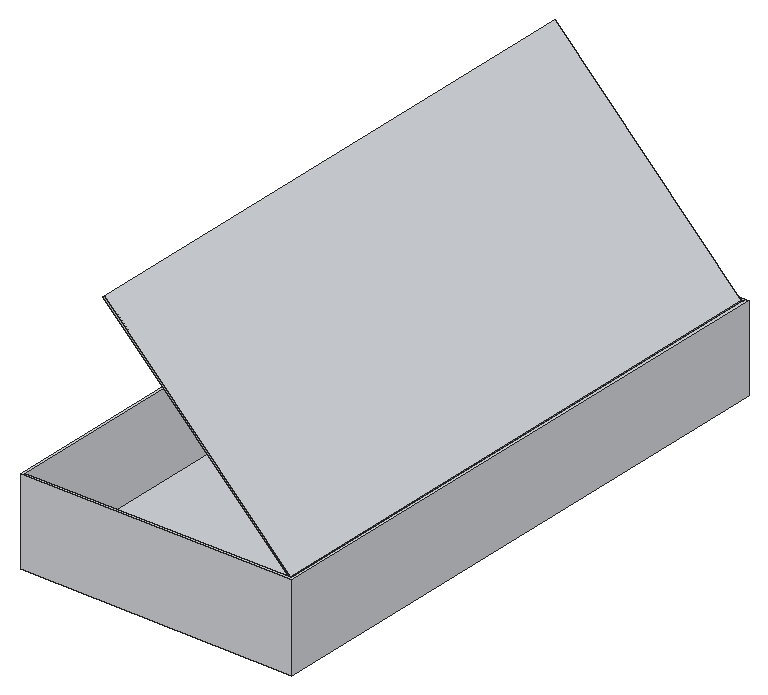
Revit family "Hager-Volta-IP30-Surface_mounted-leer-DE-de", category Electrical Equipment, host Face, Revit 2020
Family settings
  Host = Face
  Panel Configuration = Two Columns, Circuits Across
  Round Connector Dimension = Use Diameter
  Part Type = Panelboard
  Cut with Voids When Loaded = No
  Shared = No
  Room Calculation Point = No
Parameters (values of type "Aufputz IP30 B305 H640 T96.5 12 Teilungseinheiten - VA48WWH")
  Width Control [instance] = if([HG000006 - Unterputz], if([EF000846 - Einbaubreite] > min_whd, [EF000846 - Einbaubreite], min_whd), if([EF000008 - Breite] > min_whd, ([EF000008 - Breite]), min_whd))  # 305 mm
  Void Depth [instance] = if([HG000006 - Unterputz], Depth Control, 1 mm)  # 1 mm
  Type Comments = [HG000003 - Bereich]  # "Volta"
  System Height [instance] = Height Control - 2 * [HG000005 - Dicke]  # 634 mm
  Model = [HG000004 - Herstellerreferenz]  # "VA48WWH"
  HG000017 - Distanz zwischen den Polen = 18 mm
  HG000016 - 3D-Türsichtbarkeit [instance] = yes
  HG000015 - Sichtbarkeit der Türöffnung [instance] = no
  HG000014 - Tür rechts [instance] = yes
  HG000013 - Tür links [instance] = not([HG000014 - Tür rechts])  # no
  HG000012 - Türschwenkwinkel [instance] = 45.00°
  HG000011 - Leere Reihen von unten = no
  HG000010 - Asymmetrische Türen = no
  HG000009 - Doppelflügeligen Tür = no
  HG000008 - Anzahl der leeren Reihen = 0
  HG000007 - Anzahl der leeren Spalten = 0
  HG000006 - Unterputz = no
  HG000005 - Dicke = 3 mm  # constant formula
  HG000004 - Herstellerreferenz = "VA48WWH"
  HG000003 - Bereich = "Volta"
  HG000002 - Mit tür = yes
  HG000001 - Anzahl der Spalten = 0
  EF015941 - Signaldurchlassende Tür = no
  EF015777 - Neutralleiterklemmenblock = no
  EF015776 - Erdungsklemmenblock = no
  EF009212 - Ausführung Deckel = "EV009916 - mit Ausschnitt"
  EF006306 - Mit Schloss = no
  EF006244 - Transparenter Deckel/Tür = no
  EF005474 - Schutzart (IP) = "EV006410 - IP30"
  EF004462 - Art der Schließung = "EV000154 - sonstige"
  EF002950 - Breite in Teilungseinheiten = 12
  EF001596 - Werkstoff des Gehäuses = "EV000154 - sonstige"
  EF001134 - DIN-Schiene = yes
  EF001131 - Innentiefe = 92 mm
  EF001088 - Anbaumöglichkeit = yes
  EF001062 - EMV-Ausführung = no
  EF000846 - Einbaubreite = 0 mm
  EF000339 - Art der Abdeckung = "EV004216 - Tür"
  EF000332 - Einbauhöhe = 0 mm
  EF000266 - Anzahl der Reihen = 0
  EF000218 - Einbautiefe = 0 mm
  EF000118 - Mit Montageplatte = yes
  EF000116 - RAL-Nummer = "9010"
  EF000049 - Tiefe = 96 mm
  EF000040 - Höhe = 640 mm
  EF000008 - Breite = 305 mm
  EF000007 - Farbe = "EV000202 - weiß"
  EF000003 - Montageart = "EV000384 - Aufputz"
  Arrow Offset [instance] = Depth Control / 8  # 12 mm
  Arrow Height [instance] = Depth Control - Arrow Offset  # 84 mm
  Host Offset [instance] = if([HG000006 - Unterputz], 0 mm, [EF000049 - Tiefe])  # 96 mm
  min_whd [instance] = (2 * [HG000005 - Dicke]) + 1 mm  # 7 mm
  Manufacturer = "Hager"  # constant formula
  Height Control [instance] = if([HG000006 - Unterputz], if([EF000332 - Einbauhöhe] > min_whd, [EF000332 - Einbauhöhe], min_whd), if([EF000040 - Höhe] > min_whd, ([EF000040 - Höhe]), min_whd))  # 640 mm
  Flush Mounted - Door Frame Width [instance] = if(([EF000040 - Höhe] - [EF000332 - Einbauhöhe]) > 0 mm, if([HG000006 - Unterputz], [EF000040 - Höhe] - [EF000332 - Einbauhöhe], 0 mm), 0 mm)  # 0 mm
  Depth Control [instance] = if([HG000006 - Unterputz], if([EF000218 - Einbautiefe] > 0 mm, [EF000218 - Einbautiefe], 1 mm), if([EF000049 - Tiefe] > 0 mm, ([EF000049 - Tiefe]), 1 mm))  # 96 mm
  Default Elevation = 0 mm
Types (4, lengths in mm): name | System Height | Model | HG000004 - Herstellerreferenz | EF000040 - Höhe | Height Control
  Aufputz IP30 B305 H515 T96.5 12 Teilungseinheiten - VA36NW | 509 | "VA36NW" | "VA36NW" | 515 | 515
  Aufputz IP30 B305 H515 T96.5 12 Teilungseinheiten - VA36WWH | 509 | "VA36WWH" | "VA36WWH" | 515 | 515
  Aufputz IP30 B305 H640 T96.5 12 Teilungseinheiten - VA48NW | 634 | "VA48NW" | "VA48NW" | 640 | 640
  Aufputz IP30 B305 H640 T96.5 12 Teilungseinheiten - VA48WWH | 634 | "VA48WWH" | "VA48WWH" | 640 | 640
Reference planes
  plane 1 "Center (Front/Back)": y = 0
  plane 2: z = 0
  plane 3 "Center (Left/Right)": x = 0
  plane 4: z = 96
  plane 5: y = 3
  plane 6: z = 91
  plane 7: y = 320
  plane 8: y = 0
  plane 9: y = 640
  plane 10: z = 0
  plane 11: x = -152.5
  plane 12: x = 152.5
  plane 13: x = 149.5
  plane 14: x = -149.5
  plane 15: y = 637
  plane 16: z = 3
  plane 17: z = 93
  plane 18: z = -1
  plane 19: z = 93
Forms (mm)
  Extrusion 1, solid
    sketch origin (-583.045, 0, 1219.2) x (-1, 0, 0) y (0, 0, 1)
      loop
        line (-430.545, -1123.2) -> (-735.545, -1123.2) -> (-735.545, -1219.2) -> (-430.545, -1219.2) -> (-430.545, -1123.2)
    from 0 to 640 <- "Height Control"
  Extrusion 2, void
    sketch origin (-381.607, -4572, 96) x (0, -1, 0) y (-1, 0, 0)
      loop
        line (-5209, -232.107) -> (-5209, -531.107) -> (-4575, -531.107) -> (-4575, -232.107) -> (-5209, -232.107)
    from 0 to 93
  Extrusion 3, void
    sketch origin (0, 0, 0) x (1, 0, 0) y (0, 1, 0)
      loop
        line (-152.5, 0) -> (152.5, 0) -> (152.5, 640) -> (-152.5, 640) -> (-152.5, 0)
    from -1 to 1
  Extrusion 4, solid, detail levels coarse+medium
    sketch origin (-381.607, -4572, 96) x (-1, 0, 0) y (0, -1, 0)
      loop
        line (-232.107, -5209) -> (-232.107, -4575) -> (-531.107, -4575) -> (-531.107, -5209) -> (-232.107, -5209)
    from 0 to -3
Cuts and joins
  Extrusion 2 cuts Extrusion 1
Dimensions and locks
  plane 4 to plane 6 = 5 mm
  "Host Offset": plane 4 to host face
  "Flush Mounted - Door Frame Width": plane 1 "Center (Front/Back)" to plane 8
  "HG000005 - Dicke": plane 5 to plane 8
  locked: connector elem to plane 3 "Center (Left/Right)"
  "Height Control": plane 9 to plane 8
  equal spacing: plane 9, plane 7, plane 8
  locked: connector elem to plane 7
  "Depth Control": plane 4 to plane 10
  "HG000005 - Dicke": plane 11 to plane 14
  "HG000005 - Dicke": plane 12 to plane 13
  equal spacing: plane 11, plane 3 "Center (Left/Right)", plane 12
  "Width Control": plane 11 to plane 12
  "Arrow Offset": nested 4 to plane 10
  "HG000005 - Dicke": plane 9 to plane 15
  "HG000005 - Dicke": plane 16 to plane 10
  "HG000005 - Dicke": plane 4 to plane 17
  "Void Depth": plane 2 to plane 18
  "HG000005 - Dicke": plane 4 to plane 19
  aligned and locked: plane 2 to host face
  aligned and locked: level to host face
  aligned and locked: plane 3 "Center (Left/Right)" to nested 2
  aligned and locked: plane 4 to nested 2
  aligned and locked: nested 2 to plane 8
  aligned and locked: nested 1 to plane 6
  aligned and locked: plane 5 to nested 1
  aligned and locked: nested 4 to plane 11
  aligned and locked: nested 3 to plane 4
  aligned and locked: Extrusion 1 sketch curve to plane 12
  aligned and locked: Extrusion 1 sketch curve to plane 11
  aligned and locked: nested 3 to plane 10
  aligned and locked: plane 10 to Extrusion 1 sketch curve
  aligned and locked: plane 5 to Extrusion 2 sketch curve
  aligned and locked: Extrusion 2 sketch curve to plane 15
  aligned and locked: Extrusion 2 sketch curve to plane 14
  aligned and locked: Extrusion 2 sketch curve to plane 13
  aligned and locked: plane 11 to Extrusion 3 sketch curve
  aligned and locked: plane 9 to Extrusion 3 sketch curve
  aligned and locked: Extrusion 3 sketch curve to plane 8
  aligned and locked: plane 12 to Extrusion 3 sketch curve
  aligned and locked: nested 3 to plane 12
  aligned and locked: Extrusion 3 to plane 18
  aligned and locked: Extrusion 2 to plane 16
  aligned and locked: Extrusion 1 sketch curve to plane 4
  aligned and locked: Extrusion 4 to plane 17
  aligned and locked: Extrusion 4 sketch curve to plane 15
  aligned and locked: Extrusion 4 sketch curve to plane 13
  aligned and locked: Extrusion 4 sketch curve to plane 14
  aligned and locked: plane 5 to Extrusion 4 sketch curve
Automatic sketch dimensions
  host sketch curve to host sketch curve = 1469.727 mm
  host sketch curve to host sketch curve = 1434.803 mm
Nested families
  nested 1: "Hager_Enclosure_System" at (0, 3, 91) x (1, 0, 0) z (0, 1, 0), Depth <- "HG000005 - Dicke", Height <- "System Height", Width <- "EF000008 - Breite", Border <- "HG000005 - Dicke", Flush_Mounted <- "HG000006 - Unterputz", Built-in_Width <- "EF000846 - Einbaubreite", Row_Module_Multiplicator <- "EF002950 - Breite in Teilungseinheiten", Total_No_Empty_Rows <- "HG000008 - Anzahl der leeren Reihen", Total_No_Rows <- "EF000266 - Anzahl der Reihen", Empty_Columns <- "HG000007 - Anzahl der leeren Spalten", Width_Control <- "Width Control", Empty_Rows_From_Bottom <- "HG000011 - Leere Reihen von unten", Distance_Between_Poles <- "HG000017 - Distanz zwischen den Polen", Rows_Count <- "EF000266 - Anzahl der Reihen", Columns_Count <- "HG000001 - Anzahl der Spalten", type "Hager_Enclosure_System", detail levels fine
    with Width_Control 305 mm, Width 305 mm, Total_No_Rows 0, Total_No_Empty_Rows 0, Total_No_Columns 1, System_Width 299 mm, Rows_Count 0, Rows_Column 0, Row_Module_Multiplicator 12, Panel_4 no, Panel_3 no, Panel_2 no, Panel_1 no, No_Panels_Ctrl 1, Hide_Columns yes, Height 634 mm, Flush_Mounted no, Empty_Rows_From_Bottom no, Empty_Rows_Column 0, Empty_Columns 0, Distance_Between_Poles 18 mm, Depth 3 mm, Columns_Count 0, Column_Width 299 mm, Built-in_Width 0 mm, Border 3 mm
  nested 2: "Hager_Enclosure_Door" at (0, 0, 96) x (1, 0, 0) z (0, 1, 0), Border <- "HG000005 - Dicke", Door_Right <- "HG000014 - Tür rechts", Flush_Mounted <- "HG000006 - Unterputz", Depth <- "EF000049 - Tiefe", Width <- "EF000008 - Breite", Door_Left <- "HG000013 - Tür links", 3d_Door <- "HG000016 - 3D-Türsichtbarkeit", BuiltIn_Width <- "EF000846 - Einbaubreite", BuiltIn_Height <- "EF000332 - Einbauhöhe", BuiltIn_Depth <- "EF000218 - Einbautiefe", Angle <- "HG000012 - Türschwenkwinkel", Assymetrical <- "HG000010 - Asymmetrische Türen", Double <- "HG000009 - Doppelflügeligen Tür", Clearance <- "HG000015 - Sichtbarkeit der Türöffnung", Transparent <- "EF006244 - Transparenter Deckel/Tür", Door <- "HG000002 - Mit tür", Height_Ctrl <- "Height Control", Width_Ctrl <- "Width Control", Height <- "EF000040 - Höhe", type "Hager_Enclosure_Door", detail levels medium+fine
    with min_wh 7 mm, Width_Ctrl 305 mm, Width 305 mm, Transparent_Door_No_Bottom_Border no, Transparent no, Leaf_Width 296 mm, Leaf_Tolerance 1.5 mm, Leaf_Height 631 mm, Leaf_2_Width 296 mm, Leaf_2_Offset 148 mm, Leaf_1_Width 296 mm, Leaf_1_Offset 148 mm, Height_Ctrl 640 mm, Height 640 mm, Frame_Width_Ctrl 305 mm, Frame_Width 305 mm, Frame_Internal_Offset 0 mm, Frame_Height_Ctrl 640 mm, Frame_Height 640 mm, Frame_Depth_Ctrl 1 mm, Frame_Depth 0 mm, Flush_Mounted no, Double_Clearance_Ctrl no, Double no, Door_Right_Ctrl yes, Door_Right yes, Door_Left_Ctrl no, Door_Left no, Door yes, Depth 96 mm, Clearance_Depth 296 mm, Clearance_Ctrl no, Clearance no, BuiltIn_Width 0 mm, BuiltIn_Height 0 mm, BuiltIn_Depth 0 mm, Border 3 mm, Assymetrical no, Angle 45.00°, 3d_Door yes
  nested 3: "Hager_Enclosure_Symbol_Triangle" at (-152.5, 0, 0) x (1, 0, 0) z (0, -1, 0), Depth <- "Depth Control", Width <- "Width Control", type "Hager_Enclosure_Symbol_Triangle"
    with Width_Ctrl 305 mm, Width 305 mm, Depth_Ctrl 96 mm, Depth 96 mm
  nested 4: "Hager_Enclosure_Symbol_Arrow" at (-152.5, 0, 12) x (1, 0, 0) z (0, -1, 0), Height <- "Arrow Height", type "Hager_Enclosure_Symbol_Arrow"
    with Width_Inside 6.3 mm, Width 75.6 mm, Height_Ctrl 84 mm, Height 84 mm
Connectors
  electrical at (0, 320, 0)
    settings: on plane 10, index 1, voltage 0 V, apparent load 0 VA, apparent load phase1 0 VA, apparent load phase2 0 VA, apparent load phase3 0 VA, power factor 1, load classification "Other", number of poles 1, system type 30, power factor state 1, is connector primary yes, connector utility no, sub classification motor no, connector description ""
Definition of nested family "Hager_Enclosure_Door"
  Parameters (values of type "Hager_Enclosure_Door")
    min_wh [instance] = (2 * Border) + 1 mm  # 11 mm
    Width_Ctrl [instance] = 400 mm
    Width [instance] = 500 mm
    Transparent_Door_No_Bottom_Border [instance] = no
    Transparent [instance] = yes
    Leaf_Width [instance] = if((Width_Ctrl - 2 * Border - 2 * Leaf_Tolerance) > 0 mm, (Width_Ctrl - 2 * Border - 2 * Leaf_Tolerance), min_wh)  # 387 mm
    Leaf_Tolerance [instance] = 1.5 mm  # constant formula
    Leaf_Height [instance] = if((Height_Ctrl - 2 * Border - 2 * Leaf_Tolerance) > 0 mm, (Height_Ctrl - 2 * Border - 2 * Leaf_Tolerance), min_wh)  # 387 mm
    Leaf_2_Width [instance] = if(and(and(Double, Assymetrical), Door_Left), (Leaf_Width / 3) - (Leaf_Tolerance / 2), if(and(and(Double, Assymetrical), Door_Right), (Leaf_Width / 3) * 2 - (Leaf_Tolerance / 2), if(and(Double, not(Assymetrical)), (Leaf_Width / 2) - Leaf_Tolerance, Leaf_Width)))  # 387 mm
    Leaf_2_Offset [instance] = if(and(Double, Assymetrical), Leaf_2_Width / 2, if(and(Double, not(Assymetrical)), Leaf_Width / 4, Leaf_Width / 2))  # 193.5 mm
    Leaf_1_Width [instance] = if(and(and(Double, Assymetrical), Door_Right), (Leaf_Width / 3) - (Leaf_Tolerance / 2), if(and(and(Double, Assymetrical), Door_Left), (Width / 3) * 2 - (Leaf_Tolerance / 2), if(and(Double, not(Assymetrical)), (Leaf_Width / 2) - Leaf_Tolerance, Leaf_Width)))  # 387 mm
    Leaf_1_Offset [instance] = if(and(Double, Assymetrical), Leaf_1_Width / 2, if(and(Double, not(Assymetrical)), Leaf_Width / 4, Leaf_Width / 2))  # 193.5 mm
    Height_Ctrl [instance] = 400 mm
    Height [instance] = 500 mm
    Frame_Width_Ctrl [instance] = if(Frame_Width > 0 mm, Frame_Width, 1 mm)  # 1 mm
    Frame_Width [instance] = Width - BuiltIn_Width  # 0 mm
    Frame_Internal_Offset [instance] = if(Flush_Mounted, Border, 0 mm)  # 5 mm
    Frame_Height_Ctrl [instance] = if(Frame_Height > 0 mm, Frame_Height, 1 mm)  # 1 mm
    Frame_Height [instance] = Height - BuiltIn_Height  # 0 mm
    Frame_Depth_Ctrl [instance] = if(Frame_Depth > 0 mm, Frame_Depth, 1 mm)  # 1 mm
    Frame_Depth [instance] = if(Depth - BuiltIn_Depth > 0 mm, if(Flush_Mounted, Depth - BuiltIn_Depth, 0 mm), 0 mm)  # 0 mm
    Flush_Mounted [instance] = yes
    Double_Clearance_Ctrl [instance] = and(Double, Clearance)  # no
    Double [instance] = no
    Door_Right_Ctrl [instance] = and(or(Door_Right, Double), Door)  # yes
    Door_Right [instance] = yes
    Door_Left_Ctrl [instance] = and(or(Door_Left, Double), Door)  # no
    Door_Left [instance] = no
    Door [instance] = yes
    Depth [instance] = 500 mm
    Default Elevation = 1219.2 mm
    Clearance_Material = none
    Clearance_Depth [instance] = if(Leaf_1_Width > Leaf_2_Width, Leaf_1_Width, Leaf_2_Width)  # 387 mm
    Clearance_Ctrl [instance] = and(not(Double), Clearance)  # yes
    Clearance [instance] = yes
    BuiltIn_Width [instance] = 500 mm
    BuiltIn_Height [instance] = 500 mm
    BuiltIn_Depth [instance] = 500 mm
    Border [instance] = 5 mm
    Assymetrical [instance] = yes
    Angle [instance] = 30.00°
    3d_Door [instance] = yes
  Reference planes
    plane 1 "Center (Front/Back)": y = 0
    plane 2 "Bottom": z = 0
    plane 3 "Center (Left/Right)": x = 0
    plane 4: z = 400
    plane 5: x = -200
    plane 6: x = 200
    plane 7: z = 395
    plane 8: x = -195
    plane 9: z = 5
    plane 10: x = 195
    plane 11: y = 0
    plane 12: z = 6.5
    plane 13: x = -582
    plane 14: y = -387
    plane 15: x = 582
    plane 16: x = 0
    plane 17: x = 0
    plane 18: x = -193.5
    plane 19: x = 193.5
    plane 20: z = 393.5
  Forms (mm)
    Extrusion 1, solid, visible <- "Flush_Mounted"
      sketch origin (0, 0, 0) x (1, 0, 0) y (0, 0, 1)
        loop
          line (195, 5) -> (195, 395) -> (-195, 395) -> (-195, 5) -> (195, 5)
        loop
          line (-201, 401) -> (-201, -1) -> (201, -1) -> (201, 401) -> (-201, 401)
      from 0 to 1 <- "Frame_Depth_Ctrl"
    Extrusion 2, solid, material <- "Clearance_Material", visible <- "Double_Clearance_Ctrl"
      sketch origin (1200, 0, 0) x (1, 0, 0) y (0, 0, -1)
        loop
          line (-1782, -393.5) -> (-618, -393.5) -> (-618, 0) -> (-1782, 0) -> (-1782, -393.5)
      from 0 to -387
  Dimensions and locks
    equal spacing: plane 5, plane 3 "Center (Left/Right)", plane 6
    "Width_Ctrl": plane 5 to plane 6
    "Border": plane 5 to plane 8
    "Border": plane 6 to plane 10
    "Border": plane 9 to level
    "Border": plane 4 to plane 7
    "Height_Ctrl": plane 4 to level
    "Leaf_Tolerance": plane 12 to plane 9
    "Frame_Depth": plane 11 to plane 1 "Center (Front/Back)"
    "Frame_Width_Ctrl": plane 5 to Extrusion 1 sketch curve
    "Frame_Width_Ctrl": plane 6 to Extrusion 1 sketch curve
    "Frame_Width_Ctrl": Extrusion 1 sketch curve to plane 4
    "Frame_Width_Ctrl": plane 2 "Bottom" to Extrusion 1 sketch curve
    "Leaf_1_Offset": plane 18 to plane 16
    "Leaf_2_Offset": plane 17 to plane 19
    "Leaf_1_Width": plane 13 to plane 8
    "Leaf_2_Width": plane 10 to plane 15
    "Clearance_Depth": plane 14 to plane 1 "Center (Front/Back)"
    "Leaf_Tolerance": plane 8 to plane 18
    "Leaf_Tolerance": plane 19 to plane 10
    "Leaf_Tolerance": plane 7 to plane 20
    "Frame_Internal_Offset": plane 5 to Extrusion 1 sketch curve
    "Frame_Internal_Offset": Extrusion 1 sketch curve to plane 2 "Bottom"
    "Frame_Internal_Offset": plane 6 to Extrusion 1 sketch curve
    "Frame_Internal_Offset": plane 4 to Extrusion 1 sketch curve
    aligned and locked: level to plane 2 "Bottom"
    aligned and locked: nested 1 to plane 16
    aligned and locked: nested 2 to plane 17
    aligned and locked: Extrusion 2 to plane 13
    aligned and locked: plane 15 to Extrusion 2
    aligned and locked: Extrusion 2 to plane 14
    aligned and locked: plane 12 to nested 1
    aligned and locked: nested 2 to plane 12
    aligned and locked: Extrusion 2 to plane 11
    aligned and locked: plane 20 to Extrusion 2
    aligned and locked: nested 2 to plane 11
    aligned and locked: nested 1 to plane 11
  Automatic sketch dimensions
    Extrusion 2 sketch curve to level = 0 mm
    plane 5 to Extrusion 2 sketch curve = 382 mm
    plane 6 to Extrusion 2 sketch curve = 382 mm
    Extrusion 2 sketch curve to plane 4 = 6.5 mm
  Nested families
    nested 1: "Hager_Enclosure_Door_Leaf" at (0, 0, 6.5), Width <- "Leaf_1_Width", visible <- "Door_Left_Ctrl", Leaf_Height <- "Leaf_Height", Angle <- "Angle", Depth <- "Border", 3d_Door <- "3d_Door", Transparent <- "Transparent", Clearance Material <- "Clearance_Material", Clearance <- "Clearance_Ctrl", Transparent_Door_No_Bottom_Border <- "Transparent_Door_No_Bottom_Border", type "Hager_Enclosure_Door_Leaf"
      with Width 387 mm, Transparent_Door_No_Bottom_Border no, Transparent_Door_Border_Bottom_Top 25 mm, Transparent_Door_Border 25 mm, Transparent_Ctrl yes, Transparent yes, Standard no, Leaf_Height 387 mm, Glass_Offset 1 mm, Depth 5 mm, Clearance Material none, Clearance yes, Angle_Ctrl 30.00°, Angle 30.00°, 3d_Door yes
    nested 2: "Hager_Enclosure_Door_Leaf" at (0, 0, 6.5) x (-1, 0, 0) z (0, 0, 1), Width <- "Leaf_2_Width", visible <- "Door_Right_Ctrl", Leaf_Height <- "Leaf_Height", Angle <- "Angle", Depth <- "Border", 3d_Door <- "3d_Door", Transparent <- "Transparent", Clearance Material <- "Clearance_Material", Clearance <- "Clearance_Ctrl", Transparent_Door_No_Bottom_Border <- "Transparent_Door_No_Bottom_Border", type "Hager_Enclosure_Door_Leaf"
      with Width 387 mm, Transparent_Door_No_Bottom_Border no, Transparent_Door_Border_Bottom_Top 25 mm, Transparent_Door_Border 25 mm, Transparent_Ctrl yes, Transparent yes, Standard no, Leaf_Height 387 mm, Glass_Offset 1 mm, Depth 5 mm, Clearance Material none, Clearance yes, Angle_Ctrl 30.00°, Angle 30.00°, 3d_Door yes
  Definition of nested family "Hager_Enclosure_Door_Leaf"
    Parameters (values of type "Hager_Enclosure_Door_Leaf")
      Width [instance] = 2000 mm
      Transparent_Door_No_Bottom_Border [instance] = yes
      Transparent_Door_Border_Bottom_Top [instance] = if(Transparent_Door_No_Bottom_Border, 0.1 mm, Transparent_Door_Border)  # 0.1 mm
      Transparent_Door_Border [instance] = if(Transparent_Door_No_Bottom_Border, (Width * 0.12), 25 mm)  # 240 mm
      Transparent_Ctrl [instance] = and(Transparent, [3d_Door])  # yes
      Transparent [instance] = yes
      Standard [instance] = and(not(Transparent), [3d_Door])  # no
      Leaf_Height [instance] = 2720.336 mm
      Glass_Offset [instance] = if((Depth - 10 mm) / 2 > 0 mm, (Depth - 10 mm) / 2, 1 mm)  # 15 mm
      Glass_Material = none
      Depth [instance] = 40 mm
      Default Elevation = 0 mm
      Clearance Material [instance] = none
      Clearance [instance] = yes
      Angle_Ctrl [instance] = if(Angle > 170.00°, 170.00°, Angle)  # 45.00°
      Angle [instance] = 45.00°
      3d_Door [instance] = yes
    Reference planes
      plane 1 "Center (Front/Back)": y = 0
      plane 2: z = 0
      plane 3 "Center (Left/Right)": x = 0
      plane 4: y = 2000
      plane 5: x = -1000
      plane 6: x = 1000
      plane 7: x = -3000
      plane 8: z = 2720.336
      plane 9: z = 0.1
      plane 10: z = 2720.236
      plane 11: x = 760
      plane 12: x = -760
    Forms (mm)
      Extrusion 1, solid, material <- "Clearance Material", visible <- "Clearance"
        sketch origin (0, 0, 0) x (1, 0, 0) y (0, 0, 1)
          loop
            line (-3000, 2720.336) -> (-3000, 0) -> (1000, 0) -> (1000, 2720.336) -> (-3000, 2720.336)
        from 0 to -2000
      Extrusion 2, solid, visible <- "Standard", detail levels medium+fine
        sketch origin (-1000, 0, 0) x (0.707107, 0.707107, 0) y (-0.707107, 0.707107, 0)
          loop
            line (0, -40) -> (2000, -40) -> (2000, 0) -> (0, 0) -> (0, -40)
        from 0 to 2720.336 <- "Leaf_Height"
      Extrusion 3, solid, visible <- "Transparent_Ctrl", detail levels medium+fine
        sketch origin (-1000, 0, 0) x (0.707107, 0.707107, 0) y (-0.707107, 0.707107, 0)
          loop
            line (0, -40) -> (2000, -40) -> (2000, 0) -> (0, 0) -> (0, -40)
        from 0 to 2720.336 <- "Leaf_Height"
      Extrusion 4, void, detail levels medium+fine
        sketch origin (-1000, 0, 0) x (-0.707107, 0.707107, 0) y (0.707107, 0.707107, 0)
          loop
            line (0, 240) -> (0, 1760) -> (-40, 1760) -> (-40, 240) -> (0, 240)
        from -2720.236 to -0.1
      Extrusion 5, solid, material <- "Glass_Material", visible <- "Transparent_Ctrl", detail levels medium+fine
        sketch origin (-1000, 0, 0) x (0.707107, 0.707107, 0) y (-0.707107, 0.707107, 0)
          loop
            line (240, -15) -> (240, -25) -> (1760, -25) -> (1760, -15) -> (240, -15)
        from 0.1 to 2720.236
    Cuts and joins
      Extrusion 4 cuts Extrusion 3
    Lines and regions (mm)
      symbolic lines
        curve 1: line (1000, 0, 0) -> (-3000, 0, 0)
        curve 2: arc (1000, 0, 0) -> (-1000, 2000, 0) -> (-3000, 0, 0) r 2000
        curve 4: line (-1000, 0, 0) -> (414.214, 1414.214, 0)
      reference lines
        curve 3: line (-1000, 0, 0) -> (414.214, 1414.214, 0)
      symbolic lines, detail levels medium+fine
        curve 5: line (414.214, 1414.214, 0) -> (442.498, 1385.929, 0)
        curve 6: line (442.498, 1385.929, 0) -> (-971.716, -28.284, 0)
        curve 7: line (-971.716, -28.284, 0) -> (-1000, 0, 0)
        curve 8: line (-1000, 0, 2720.336) -> (1000, 0, 2720.336)
        curve 9: line (-1000, 0, 0) -> (-1000, 0, 2720.336)
        curve 10: line (1000, 0, 0) -> (-1000, 0, 0)
        curve 11: line (1000, 0, 2720.336) -> (1000, 0, 0)
      symbolic lines, visible <- "Transparent_Ctrl", detail levels medium+fine
        curve 12: line (-760, 0, 2720.236) -> (760, 0, 2720.236)
        curve 13: line (-760, 0, 0.1) -> (-760, 0, 2720.236)
        curve 14: line (760, 0, 0.1) -> (-760, 0, 0.1)
        curve 15: line (760, 0, 2720.236) -> (760, 0, 0.1)
    Dimensions and locks
      "Width": plane 1 "Center (Front/Back)" to plane 4
      equal spacing: plane 5, plane 3 "Center (Left/Right)", plane 6
      "Width": plane 5 to plane 6
      "Width": plane 7 to plane 5
      "Leaf_Height": plane 8 to level
      "Depth": curve 6 to curve 3
      "Width": curve 5 to curve 3
      "Width": curve 3 to curve 3
      "Transparent_Door_Border": Extrusion 4 sketch curve to curve 7
      "Transparent_Door_Border": Extrusion 4 sketch curve to curve 5
      "Transparent_Door_Border_Bottom_Top": plane 8 to plane 10
      "Transparent_Door_Border_Bottom_Top": plane 9 to level
      "Glass_Offset": Extrusion 5 sketch curve to curve 4
      "Glass_Offset": Extrusion 5 sketch curve to curve 6
      "Transparent_Door_Border": Extrusion 5 sketch curve to curve 5
      "Transparent_Door_Border": Extrusion 5 sketch curve to curve 7
      "Transparent_Door_Border": plane 12 to plane 5
      "Transparent_Door_Border": plane 6 to plane 11
      "Angle_Ctrl": angle plane 1 "Center (Front/Back)" to curve 3
      aligned and locked: level to plane 2
      aligned and locked: Extrusion 1 to curve 1
      aligned and locked: plane 6 to Extrusion 1
      aligned and locked: Extrusion 1 to plane 1 "Center (Front/Back)"
      aligned and locked: plane 4 to Extrusion 1
      aligned and locked: plane 8 to Extrusion 1
      aligned and locked: curve 4 to curve 3
      aligned and locked: Extrusion 2 sketch curve to curve 7
      aligned and locked: Extrusion 2 sketch curve to curve 6
      aligned and locked: Extrusion 2 sketch curve to curve 5
      aligned and locked: Extrusion 2 sketch curve to curve 3
      aligned and locked: curve 7 to Extrusion 3 sketch curve
      aligned and locked: Extrusion 3 sketch curve to curve 4
      aligned and locked: Extrusion 3 sketch curve to curve 6
      aligned and locked: Extrusion 3 sketch curve to curve 5
      aligned and locked: curve 4 to Extrusion 4 sketch curve
      aligned and locked: curve 6 to Extrusion 4 sketch curve
      aligned and locked: Extrusion 4 to plane 9
      aligned and locked: Extrusion 4 to plane 10
      aligned and locked: Extrusion 5 to plane 9
      aligned and locked: Extrusion 5 to plane 10
      aligned and locked: curve 8 to plane 8
      aligned and locked: plane 5 to curve 9
      aligned and locked: plane 2 to curve 10
      aligned and locked: curve 11 to plane 6
      aligned and locked: plane 10 to curve 12
      aligned and locked: plane 12 to curve 13
      aligned and locked: curve 14 to plane 9
      aligned and locked: plane 11 to curve 15
    Automatic sketch dimensions
      plane 1 "Center (Front/Back)" to curve 2 = 0 mm
      curve 2 to plane 5 = 0 mm
      Extrusion 1 sketch curve to level = 0 mm
      Extrusion 1 sketch curve to plane 7 = 0 mm
      Extrusion 1 sketch curve to plane 6 = 0 mm
      Extrusion 1 sketch curve to plane 8 = 0 mm
      plane 1 "Center (Front/Back)" to curve 3 = 0 mm
      curve 3 to plane 5 = 0 mm
      curve 7 to curve 3 = 0 mm
Definition of nested family "Hager_Enclosure_Symbol_Triangle"
  Parameters (values of type "Hager_Enclosure_Symbol_Triangle")
    Width_Ctrl [instance] = if(Width > 1 mm, Width, 1 mm)  # 498 mm
    Width [instance] = 498 mm
    Depth_Ctrl [instance] = if(Depth > 1 mm, Depth, 1 mm)  # 72 mm
    Depth [instance] = 72 mm
  Reference planes
    plane 1 "Centre (avant/arrière)": y = 0
    plane 2: z = 0
    plane 3 "Centre (gauche/droite)": x = 0
  Lines and regions (mm)
    Filled region 1, type "Solid_Black", in view "Niveau de réf."
      outline origin (0, 0, 0) x (1, 0, 0) y (0, 1, 0)
        loop
          line (0, 0) -> (498, 0) -> (498, 72) -> (0, 0)
    reference lines, in view "Niveau de réf."
      curve 1: line (-206.153, 72, 0) -> (1083.258, 72, 0)
      curve 2: line (498, 405.456, 0) -> (498, -517.619, 0)
  Dimensions and locks
    "Depth_Ctrl": plane 1 "Centre (avant/arrière)" to curve 1
    "Width_Ctrl": plane 3 "Centre (gauche/droite)" to curve 2
    aligned and locked: curve 1 to Filled region 1 sketch curve
    aligned and locked: Filled region 1 sketch curve to plane 1 "Centre (avant/arrière)"
    aligned and locked: curve 2 to Filled region 1 sketch curve
    aligned and locked: plane 3 "Centre (gauche/droite)" to Filled region 1 sketch curve
    aligned and locked: plane 1 "Centre (avant/arrière)" to Filled region 1 sketch curve
  Automatic sketch dimensions
    curve 1 to plane 3 "Centre (gauche/droite)" = 206.153 mm
    curve 2 to curve 1 = 585.258 mm
    plane 1 "Centre (avant/arrière)" to curve 2 = 517.619 mm
    curve 2 to plane 1 "Centre (avant/arrière)" = 405.456 mm
Definition of nested family "Hager_Enclosure_Symbol_Arrow"
  Parameters (values of type "Hager_Enclosure_Symbol_Arrow")
    Width_Inside [instance] = if(Width / 12 > 2 mm, Width / 12, 2 mm)  # 4.987 mm
    Width [instance] = if(Height_Ctrl * 0.9 > 2 mm, Height_Ctrl * 0.9, 2 mm)  # 59.85 mm
    Height_Ctrl [instance] = if(Height > 2 mm, Height, 2 mm)  # 66.5 mm
    Height [instance] = 66.5 mm
  Reference planes
    plane 1 "Centre (avant/arrière)": y = 0
    plane 2: z = 0
    plane 3 "Centre (gauche/droite)": x = 0
    plane 4: x = 59.85
    plane 5: y = 28.263
    plane 6: y = 38.238
    plane 7: y = 66.5
    plane 8: x = 29.925
    plane 9: y = 33.25
  Lines and regions (mm)
    Filled region 1, type "Solid_Black", in view "Niveau de réf."
      outline origin (0, 0, 0) x (1, 0, 0) y (0, 1, 0)
        loop
          line (59.85, 66.5) -> (37.929, 52.827) -> (51.846, 41.935) -> (59.85, 66.5)
    detail lines, in view "Niveau de réf."
      curve 1: line (0, 0, 0) -> (29.925, 38.238, 0)
      curve 2: line (29.925, 38.238, 0) -> (29.925, 28.263, 0)
      curve 3: line (29.925, 28.263, 0) -> (59.85, 66.5, 0)
  Dimensions and locks
    "Width": plane 3 "Centre (gauche/droite)" to plane 4
    "Height_Ctrl": plane 7 to plane 1 "Centre (avant/arrière)"
    equal spacing: plane 3 "Centre (gauche/droite)", plane 8, plane 4
    equal spacing: plane 7, plane 9, plane 1 "Centre (avant/arrière)"
    equal spacing: plane 6, plane 9, plane 5
    "Width_Inside": plane 6 to plane 9
    equal spacing: curve 3, Filled region 1 sketch curve, Filled region 1 sketch curve
    angle Filled region 1 sketch curve to curve 3 = 20.00°
    angle curve 3 to Filled region 1 sketch curve = 20.00°
    locked: curve 3 to Filled region 1 sketch curve (angle 90.00°)
  Automatic sketch dimensions
    plane 1 "Centre (avant/arrière)" to curve 1 = 0 mm
    curve 1 to plane 3 "Centre (gauche/droite)" = 0 mm
    curve 2 to plane 6 = 0 mm
    curve 3 to plane 8 = 0 mm
    curve 3 to plane 4 = 0 mm
    curve 2 to plane 5 = 0 mm
    curve 3 to plane 7 = 0 mm
    Filled region 1 sketch curve to plane 4 = 0 mm
    Filled region 1 sketch curve to plane 7 = 0 mm
